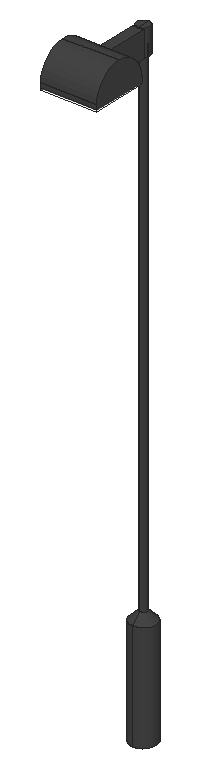
Revit family
Parameters
  Wattage = 250 W
  built-in parameter 1150110 = 1 (stored number, unit not read)
  built-in parameter 1114217 = 1 (stored number, unit not read)
  built-in parameter 1150109 = 1 (stored number, unit not read)
  built-in parameter 1150134 = 3
  built-in parameter 1150113 = 1 (stored number, unit not read)
  Material Post = Metal - Black
  Material Lamp Glazing = Glass - White Frosted
  built-in parameter 1150105 = 1432.4 (stored number, unit not read)
  Lumens = 4500 lm
  built-in parameter 1150115 = 1 (stored number, unit not read)
  Light Source Symbol Size = 609.6 mm
  built-in parameter 1150137 = (empty or 0)
  built-in parameter 1150139 = (empty or 0)
  built-in parameter 1150112 = 1 (stored number, unit not read)
  built-in parameter 1150114 = 1 (stored number, unit not read)
  built-in parameter 1150132 = (empty or 0)
  built-in parameter 1150102 = (empty or 0)
  built-in parameter 1150107 = 3200 (stored number, unit not read)
  built-in parameter 1150138 = (empty or 0)
  built-in parameter 1150106 = 14.324 (stored number, unit not read)
  Fixture Height = 3000 mm
  built-in parameter 1150104 = 1.6723 (stored number, unit not read)
  Dimming Lamp Color Temperature Shift = (empty or 0)
  Color Filter = 16777215
  Base Height = 500 mm
  built-in parameter 1114218 = 1 (stored number, unit not read)
  built-in parameter 1150133 = 10 (stored number, unit not read)
Reference planes
  plane 1 "Light Source Axis (F/B)": y = 0
  plane 2: z = 0
  plane 3 "Light Source Axis (L/R)": x = 0
  plane 4 "Fixture Top": z = 3000
  plane 5 "Light Source Elevation": z = 2845
  plane 6: y = -302
Forms (mm)
  Revolve 1, solid, material "Metal - Black" <- "Material Post"
    sketch origin (0, 0, 0) x (0, -1, 0) y (0, 0, 1)
      loop
        line (0, 0) -> (0, 2956.111) -> (-17.574, 2956.111) -> (-17.574, 542.426) -> (-60, 500) -> (-60, 0) -> (0, 0)
      axis (0, 0) -> (0, 2956.111)
    angle from 0 to 360
  Revolve 2, solid, material "Metal - Black" <- "Material Post"
    sketch origin (0, 0, 20) x (0, -1, 0) y (0, 0, 1)
      loop
        line (0, 2956.111) -> (0, 2836.111) -> (30, 2836.111) -> (30, 2956.111) -> (0, 2956.111)
      axis (0, 2836.111) -> (0, 2956.111)
    angle from 0 to 360
  Extrusion 3, solid, material "Metal - Black" <- "Material Post"
    sketch origin (130, 0, 0) x (0, -1, 0) y (0, 0, 1)
      loop
        line (432, 2855) -> (432, 2875)
        arc (432, 2875) -> (393.924, 2966.924) -> (302, 3005) r 130
        arc (302, 3005) -> (210.076, 2966.924) -> (172, 2875) r 130
        line (172, 2875) -> (172, 2855) -> (432, 2855)
    from 0 to 260
  Extrusion 4, solid, material "Glass - White Frosted" <- "Material Lamp Glazing"
    sketch origin (130, 0, 0) x (0, -1, 0) y (0, 0, 1)
      loop
        line (432, 2845) -> (432, 2855) -> (172, 2855) -> (172, 2845) -> (432, 2845)
    from 0 to 260
  Extrusion 5, solid, material "Metal - Black" <- "Material Post"
    sketch origin (25, 0, 0) x (0, 1, 0) y (0, 0, 1)
      loop
        arc (-220.29, 2976.111) -> (-184.692, 2931.025) -> (-172, 2875) r 130
        line (-172, 2875) -> (-172, 2856.111) -> (-30, 2856.111) -> (-30, 2976.111) -> (-220.29, 2976.111)
    from 0 to -50
Lines and regions (mm)
  Masking region 1
    outline origin (0, 0, 0) x (1, 0, 0) y (0, 1, 0)
      loop
        line (-130, -432) -> (130, -432) -> (130, -172) -> (25, -172) -> (25, -54.544)
        arc (25, -54.544) -> (0, 60) -> (-25, -54.544) r 60
        line (-25, -54.544) -> (-25, -172) -> (-130, -172) -> (-130, -432)
  symbolic lines
    curve 1: line (-130, -172, 0) -> (130, -172, 0)
    curve 2: line (-130, -432, 0) -> (-130, -172, 0)
    curve 3: line (130, -432, 0) -> (-130, -432, 0)
    curve 4: line (130, -172, 0) -> (130, -432, 0)
    curve 5: arc (-25, -54.544, 0) -> (0, 60, 0) -> (25, -54.544, 0) r 60
    curve 6: line (25, -172, 0) -> (25, -16.583, 0)
    curve 7: line (-25, -172, 0) -> (-25, -16.583, 0)
    curve 8: circle (0, 0, 0) r 30 normal (0, 0, 1)
Dimensions and locks
  "Base Height": Revolve 1 sketch curve to Revolve 1 sketch curve
  "Fixture Height": plane 4 "Fixture Top" to plane 2
  locked: plane 6 to plane 1 "Light Source Axis (F/B)" at 302
  locked: plane 4 "Fixture Top" to plane 5 "Light Source Elevation" at 155
  aligned and locked: plane 6 to imposter light  (x2)
  aligned and locked: plane 3 "Light Source Axis (L/R)" to imposter light
  aligned and locked: plane 5 "Light Source Elevation" to imposter light
  aligned and locked: plane 5 "Light Source Elevation" to Extrusion 4
  aligned and locked: curve 1 to Extrusion 3  (x2)
  aligned and locked: Extrusion 3 to curve 4
  aligned and locked: curve 4 to Extrusion 3
Automatic sketch dimensions
  Revolve 1 sketch curve to level = 0 mm
  Revolve 1 sketch curve to Revolve 1 sketch curve = 271.696 mm
  Revolve 1 sketch curve to Revolve 1 sketch curve = 42.426 mm
  plane 4 "Fixture Top" to Revolve 1 sketch curve = 43.889 mm
  Revolve 1 sketch curve to plane 4 "Fixture Top" = 1165.289 mm
  Revolve 1 sketch curve to Revolve 1 sketch curve = 17.574 mm
  plane 4 "Fixture Top" to Revolve 2 sketch curve = 143.889 mm
  plane 4 "Fixture Top" to Revolve 2 sketch curve = 23.889 mm
  Revolve 2 sketch curve to Revolve 2 sketch curve = 0 mm
  Revolve 2 sketch curve to plane 4 "Fixture Top" = 376.111 mm
  Revolve 1 sketch curve to plane 1 "Light Source Axis (F/B)" = 0 mm  (x2)
  Revolve 1 sketch curve to plane 1 "Light Source Axis (F/B)" = 60 mm
  Revolve 2 sketch curve to plane 1 "Light Source Axis (F/B)" = 0 mm  (x2)
  plane 1 "Light Source Axis (F/B)" to Revolve 2 sketch curve = 30 mm
  plane 4 "Fixture Top" to Extrusion 3 sketch curve = 125 mm
  plane 1 "Light Source Axis (F/B)" to Extrusion 3 sketch curve = 432 mm
  Extrusion 3 sketch curve to plane 4 "Fixture Top" = 5 mm
  Extrusion 3 sketch curve to Extrusion 3 sketch curve = 0 mm
  Extrusion 3 sketch curve to Extrusion 3 sketch curve = 20 mm
  plane 1 "Light Source Axis (F/B)" to Extrusion 4 sketch curve = 432 mm
  plane 1 "Light Source Axis (F/B)" to Extrusion 4 sketch curve = 172 mm
  plane 4 "Fixture Top" to Extrusion 4 sketch curve = 145 mm
  Extrusion 4 sketch curve to Extrusion 4 sketch curve = 10 mm
  plane 1 "Light Source Axis (F/B)" to Extrusion 5 sketch curve = 302 mm
  plane 4 "Fixture Top" to Extrusion 5 sketch curve = 23.889 mm
  Extrusion 5 sketch curve to Extrusion 5 sketch curve = 81.71 mm
  Extrusion 5 sketch curve to Extrusion 5 sketch curve = 48.29 mm
  plane 1 "Light Source Axis (F/B)" to Extrusion 5 sketch curve = 30 mm
  Extrusion 5 sketch curve to Extrusion 5 sketch curve = 120 mm
  curve 5 to curve 8 = 0 mm  (x2)
  curve 5 to plane 1 "Light Source Axis (F/B)" = 0 mm
  curve 5 to plane 3 "Light Source Axis (L/R)" = 0 mm
  curve 7 to plane 3 "Light Source Axis (L/R)" = 25 mm
  plane 1 "Light Source Axis (F/B)" to curve 5 = 54.544 mm
  plane 1 "Light Source Axis (F/B)" to curve 7 = 16.583 mm
  plane 1 "Light Source Axis (F/B)" to curve 6 = 16.583 mm
  Masking region 1 sketch curve to plane 1 "Light Source Axis (F/B)" = 0 mm
  Masking region 1 sketch curve to plane 3 "Light Source Axis (L/R)" = 0 mm
  Masking region 1 sketch curve to plane 3 "Light Source Axis (L/R)" = 25 mm
  Masking region 1 sketch curve to plane 3 "Light Source Axis (L/R)" = 130 mm
  plane 3 "Light Source Axis (L/R)" to Masking region 1 sketch curve = 25 mm
  plane 3 "Light Source Axis (L/R)" to Masking region 1 sketch curve = 130 mm
  plane 1 "Light Source Axis (F/B)" to Masking region 1 sketch curve = 54.544 mm
  Masking region 1 sketch curve to Masking region 1 sketch curve = 117.456 mm
  plane 6 to Masking region 1 sketch curve = 130 mm
  Masking region 1 sketch curve to plane 6 = 130 mm
